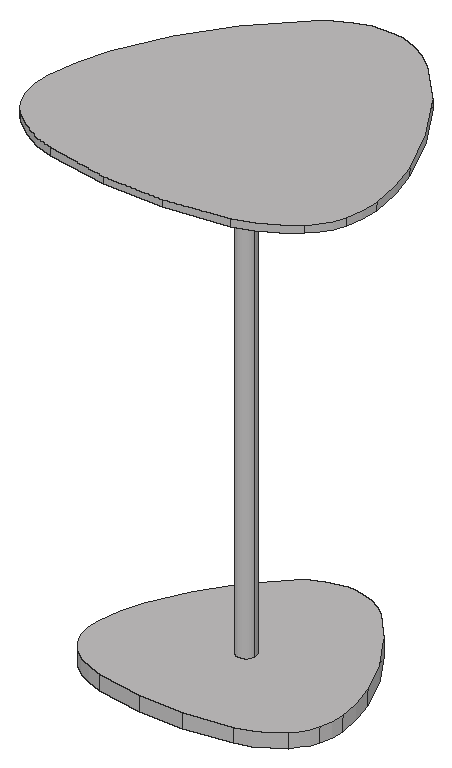
Revit family "Trigon_CB-353_BIM", category Arredi, Revit 2023
Family settings
  Numero OmniClass = 23.40.20.00
  Titolo OmniClass = General Furniture and Specialties
  Basato su piano di lavoro = No
  Attiva taglio nelle viste = No
  Sempre verticale = Sì
  Taglio con vuoti quando caricato = No
  Origine composizione di rendering = Geometria famiglia
  Condiviso = No
  Punto di calcolo locali = No
Parameters (values of type "CB-353")
  WIDTH = 373 mm
  URL = "https://bassamfellows.com/"
  TECHNICAL SHEET = "https://bassamfellows.com/collections/trigon-pedestal-side-table"
  PRODUCT SHEET = "https://www.archiproducts.com/en/products/bassamfellows/steel-side-table-trigon-pedestal-side-table_448124"
  PRODUCT CODE = "CB-353"
  Modello = "Trigon Pedestal Side Table"
  Produttore = "BassamFellows"
  MATERIAL DESCRIPTION = "Steel plate top and base with tubular steel pedestal."  # constant formula
  HEIGHT = 563 mm
  Descrizione = "Steel side table"
  Prospetto di default = 0 mm
  DEPTH = 364 mm
  COLLECTION = "Trigon"
  BIM USER MANUAL = "https://bimcad.edilportale.com/BASSAMFELLOWS-BIM-USER-MANUAL-BassamFellows-bim.pdf"
  BIM BADGE = "https://bim.archiproducts.com/it/badge/bim-archiproducts-featured_658700/about"
  BIM AUTHOR = "https://bim.archiproducts.com/"
  BASE MATERIAL = BASSAM_FELLOWS_BRONZE_BZ
  AVAILABLE FINISHES = "Satin nickel (SN), satin brass (SB), bronze (BZ) or gunmetal (GM) nanoceramic coating."  # constant formula
  ACCESSORIES = ""
Reference planes
  plane 1 "Center (Front/Back)": y = 0
  plane 2: z = 0
  plane 3 "Center (Left/Right)": x = 0
  plane 4: z = 0
Forms (mm)
  Extrusion 1, solid, material "BASSAM_FELLOWS_BRONZE_BZ" <- "BASE MATERIAL", detail levels fine
    sketch origin (0, 0, 0) x (1, 0, 0) y (0, 1, 0)
      loop
        arc (-17.496, 179.922) -> (-43.164, 170.688) -> (-65.608, 155.182) r 105.502
        arc (-65.608, 155.182) -> (-88.551, 132.502) -> (-109.345, 107.835) r 355.497
        arc (-109.345, 107.835) -> (-143.496, 56.091) -> (-169.908, 0) r 433.094
        arc (-169.908, 0) -> (-180.315, -33.089) -> (-186.433, -67.233) r 272.355
        arc (-186.433, -67.233) -> (-186.105, -86.386) -> (-182.059, -105.111) r 98.049
        arc (-182.059, -105.111) -> (-173.78, -123.132) -> (-161.455, -138.669) r 82.832
        arc (-161.455, -138.669) -> (-133.903, -158.165) -> (-102.374, -170.215) r 134.956
        arc (-102.374, -170.215) -> (-68.093, -177.036) -> (-33.35, -180.868) r 403.999
        arc (-33.35, -180.868) -> (0, -181.815) -> (33.35, -180.868) r 587.743
        arc (33.35, -180.868) -> (68.093, -177.036) -> (102.374, -170.215) r 403.999
        arc (102.374, -170.215) -> (133.903, -158.165) -> (161.455, -138.669) r 134.956
        arc (161.455, -138.669) -> (173.78, -123.132) -> (182.059, -105.111) r 82.832
        arc (182.059, -105.111) -> (186.105, -86.386) -> (186.433, -67.233) r 98.049
        arc (186.433, -67.233) -> (180.315, -33.089) -> (169.908, 0) r 272.355
        arc (169.908, 0) -> (143.496, 56.091) -> (109.345, 107.835) r 433.094
        arc (109.345, 107.835) -> (88.551, 132.502) -> (65.608, 155.182) r 355.497
        arc (65.608, 155.182) -> (43.164, 170.688) -> (17.494, 179.922) r 105.502
        arc (17.494, 179.922) -> (-0.001, 181.815) -> (-17.496, 179.922) r 81.755
    from 552 to 560
  Extrusion 2, solid, material "BASSAM_FELLOWS_BRONZE_BZ" <- "BASE MATERIAL", detail levels fine
    sketch origin (0, 0, 0) x (1, 0, 0) y (0, 1, 0)
      loop
        circle (0.069, -20.344) r 10
    from 16 to 548
  Extrusion 3, solid, material "BASSAM_FELLOWS_BRONZE_BZ" <- "BASE MATERIAL", detail levels fine
    sketch origin (0, 0, 0) x (1, 0, 0) y (0, 1, 0)
      loop
        circle (0.069, -20.344) r 35
    from 548 to 552
  Extrusion 4, solid, material "BASSAM_FELLOWS_BRONZE_BZ" <- "BASE MATERIAL", detail levels fine
    sketch origin (0, 0, 0) x (1, 0, 0) y (0, 1, 0)
      loop
        arc (-13.021, 127.906) -> (-32.123, 121.035) -> (-48.824, 109.496) r 78.514
        arc (-48.824, 109.496) -> (-65.899, 92.617) -> (-81.373, 74.26) r 264.556
        arc (-81.373, 74.26) -> (-106.788, 35.753) -> (-126.444, -5.989) r 322.303
        arc (-126.444, -5.989) -> (-134.189, -30.614) -> (-138.741, -56.023) r 202.684
        arc (-138.741, -56.023) -> (-138.497, -70.277) -> (-135.486, -84.212) r 72.967
        arc (-135.486, -84.212) -> (-129.325, -97.623) -> (-120.153, -109.185) r 61.642
        arc (-120.153, -109.185) -> (-99.649, -123.694) -> (-76.186, -132.661) r 100.432
        arc (-76.186, -132.661) -> (-50.674, -137.737) -> (-24.819, -140.589) r 300.651
        arc (-24.819, -140.589) -> (0, -141.294) -> (24.819, -140.589) r 437.391
        arc (24.819, -140.589) -> (50.674, -137.737) -> (76.186, -132.661) r 300.651
        arc (76.186, -132.661) -> (99.648, -123.694) -> (120.152, -109.185) r 100.432
        arc (120.152, -109.185) -> (129.325, -97.623) -> (135.486, -84.212) r 61.642
        arc (135.486, -84.212) -> (138.497, -70.277) -> (138.741, -56.023) r 72.967
        arc (138.741, -56.023) -> (134.188, -30.614) -> (126.443, -5.989) r 202.684
        arc (126.443, -5.989) -> (106.787, 35.753) -> (81.373, 74.26) r 322.303
        arc (81.373, 74.26) -> (65.899, 92.617) -> (48.824, 109.496) r 264.556
        arc (48.824, 109.496) -> (32.122, 121.035) -> (13.019, 127.906) r 78.514
        arc (13.019, 127.906) -> (-0.001, 129.315) -> (-13.021, 127.906) r 60.841
    from 0 to 16
  Extrusion 5, solid, detail levels medium
    sketch origin (0, 0, 0) x (1, 0, 0) y (0, 1, 0)
      loop
        arc (-65.608, 155.182) -> (-88.551, 132.502) -> (-109.345, 107.835) r 355.497
        arc (-109.345, 107.835) -> (-143.496, 56.091) -> (-169.908, 0) r 433.094
        arc (-169.908, 0) -> (-180.315, -33.089) -> (-186.433, -67.233) r 272.355
        arc (-186.433, -67.233) -> (-186.105, -86.386) -> (-182.059, -105.111) r 98.049
        arc (-182.059, -105.111) -> (-173.78, -123.132) -> (-161.455, -138.669) r 82.832
        arc (-161.455, -138.669) -> (-133.903, -158.165) -> (-102.374, -170.215) r 134.956
        arc (-102.374, -170.215) -> (-68.093, -177.036) -> (-33.35, -180.868) r 403.999
        arc (-33.35, -180.868) -> (0, -181.815) -> (33.35, -180.868) r 587.743
        arc (33.35, -180.868) -> (68.093, -177.036) -> (102.374, -170.215) r 403.999
        arc (102.374, -170.215) -> (133.903, -158.165) -> (161.455, -138.669) r 134.956
        arc (161.455, -138.669) -> (173.78, -123.132) -> (182.059, -105.111) r 82.832
        arc (182.059, -105.111) -> (186.105, -86.386) -> (186.433, -67.233) r 98.049
        arc (186.433, -67.233) -> (180.315, -33.089) -> (169.908, 0) r 272.355
        arc (169.908, 0) -> (143.496, 56.091) -> (109.345, 107.835) r 433.094
        arc (109.345, 107.835) -> (88.551, 132.502) -> (65.608, 155.182) r 355.497
        arc (65.608, 155.182) -> (43.164, 170.688) -> (17.496, 179.922) r 105.502
        arc (17.496, 179.922) -> (0, 181.815) -> (-17.496, 179.922) r 81.755
        arc (-17.496, 179.922) -> (-43.164, 170.688) -> (-65.608, 155.182) r 105.502
    from 0 to 560
Lines and regions (mm)
  symbolic lines, detail levels coarse
    curve 1: arc (-65.608, 155.182, 0) -> (-88.551, 132.502, 0) -> (-109.345, 107.835, 0) r 355.497
    curve 2: arc (-109.345, 107.835, 0) -> (-143.496, 56.091, 0) -> (-169.908, 0, 0) r 433.094
    curve 3: arc (-169.908, 0, 0) -> (-180.315, -33.089, 0) -> (-186.433, -67.233, 0) r 272.355
    curve 4: arc (-186.433, -67.233, 0) -> (-186.105, -86.386, 0) -> (-182.059, -105.111, 0) r 98.049
    curve 5: arc (-182.059, -105.111, 0) -> (-173.78, -123.132, 0) -> (-161.455, -138.669, 0) r 82.832
    curve 6: arc (-161.455, -138.669, 0) -> (-133.903, -158.165, 0) -> (-102.374, -170.215, 0) r 134.956
    curve 7: arc (-102.374, -170.215, 0) -> (-68.093, -177.036, 0) -> (-33.35, -180.868, 0) r 403.999
    curve 8: arc (-33.35, -180.868, 0) -> (0, -181.815, 0) -> (33.35, -180.868, 0) r 587.743
    curve 9: arc (33.35, -180.868, 0) -> (68.093, -177.036, 0) -> (102.374, -170.215, 0) r 403.999
    curve 10: arc (102.374, -170.215, 0) -> (133.903, -158.165, 0) -> (161.455, -138.669, 0) r 134.956
    curve 11: arc (161.455, -138.669, 0) -> (173.78, -123.132, 0) -> (182.059, -105.111, 0) r 82.832
    curve 12: arc (182.059, -105.111, 0) -> (186.105, -86.386, 0) -> (186.433, -67.233, 0) r 98.049
    curve 13: arc (186.433, -67.233, 0) -> (180.315, -33.089, 0) -> (169.908, 0, 0) r 272.355
    curve 14: arc (169.908, 0, 0) -> (143.496, 56.091, 0) -> (109.345, 107.835, 0) r 433.094
    curve 15: arc (109.345, 107.835, 0) -> (88.551, 132.502, 0) -> (65.608, 155.182, 0) r 355.497
    curve 16: arc (65.608, 155.182, 0) -> (43.164, 170.688, 0) -> (17.496, 179.922, 0) r 105.502
    curve 17: arc (17.496, 179.921, 0) -> (0, 181.815, 0) -> (-17.496, 179.922, 0) r 81.755
    curve 18: arc (-17.496, 179.922, 0) -> (-43.164, 170.688, 0) -> (-65.608, 155.182, 0) r 105.502
    curve 19: line (-186.752, 0, 552) -> (186.752, 0, 552)
    curve 20: line (-186.752, 0, 560) -> (-186.752, 0, 552)
    curve 21: line (186.752, 0, 560) -> (-186.752, 0, 560)
    curve 22: line (186.752, 0, 552) -> (186.752, 0, 560)
    curve 23: line (-34.931, 0, 552) -> (-34.931, 0, 548)
    curve 24: line (-34.931, 0, 548) -> (35.069, 0, 548)
    curve 25: line (35.069, 0, 548) -> (35.069, 0, 552)
    curve 26: line (-33.35, 0, 560) -> (-33.35, 0, 552)
    curve 27: line (33.35, 0, 560) -> (33.35, 0, 552)
    curve 28: line (-161.455, 0, 560) -> (-161.455, 0, 552)
    curve 29: line (161.455, 0, 560) -> (161.455, 0, 552)
    curve 30: line (-9.931, 0, 548) -> (-9.931, 0, 16)
    curve 31: line (10.069, 0, 16) -> (10.069, 0, 548)
    curve 32: line (-138.979, 0, 16) -> (138.978, 0, 16)
    curve 33: line (-138.979, 0, 0) -> (-138.979, 0, 16)
    curve 34: line (138.978, 0, 0) -> (-138.979, 0, 0)
    curve 35: line (138.978, 0, 16) -> (138.978, 0, 0)
    curve 36: line (0, 129.315, 16) -> (0, -141.294, 16)
    curve 37: line (0, 129.315, 0) -> (0, 129.315, 16)
    curve 38: line (0, -141.294, 0) -> (0, 129.315, 0)
    curve 39: line (0, -141.294, 16) -> (0, -141.294, 0)
    curve 40: line (0, 181.815, 552) -> (0, -181.815, 552)
    curve 41: line (0, 181.815, 560) -> (0, 181.815, 552)
    curve 42: line (0, -181.815, 560) -> (0, 181.815, 560)
    curve 43: line (0, -181.815, 552) -> (0, -181.815, 560)
    curve 44: line (0, -55.344, 548) -> (0, 14.656, 548)
    curve 45: line (0, 14.656, 548) -> (0, 14.656, 552)
    curve 46: line (0, -55.344, 548) -> (0, -55.344, 552)
    curve 47: line (0, -67.233, 560) -> (0, -67.233, 552)
    curve 48: line (0, -138.669, 560) -> (0, -138.669, 552)
    curve 49: line (0, -10.344, 16) -> (0, -10.344, 548)
    curve 50: line (0, -30.344, 16) -> (0, -30.344, 548)
Dimensions and locks
  aligned and locked: level to plane 2
